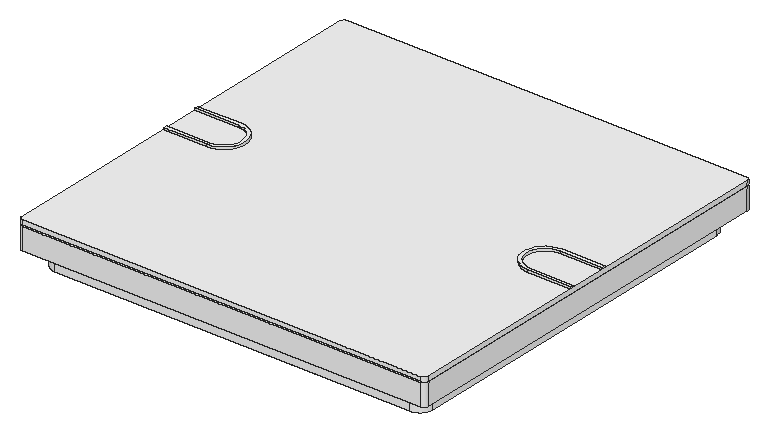
Revit family "Gira_5001003", category Electrical Fixtures, host Face, Revit 2017
Family settings
  Host = Face
  Maintain Annotation Orientation = No
  Round Connector Dimension = Use Diameter
  Part Type = Normal
  Cut with Voids When Loaded = No
  Shared = No
  Room Calculation Point = No
Parameters (values of type "KNX PB sens.4 Komfort 1-g TS4 white")
  With room temperature controller = no
  With label area = no
  With display = no
  With anti-theft/dismantling protection = yes
  With IR sensor = no
  White = White
  URL = "https://www.gira.de/"
  Type Comments = ""
  Transparent = no
  Radio frequent bidirectional = no
  Number of buttons = 1
  Model = ""
  Manufacturer = "Gira"
  Keynote = ""
  HeinzeBIM = "https://www.heinze.de/bim/knx-pb-sens-4-komfort-1-g-ts4-white/c639142d951a84f3599d7fd122a1e332b6d742c8"
  HAN = "5001003"
  GTIN = "4010337070870"
  Description = ""
  Default Elevation = 1219.2 mm
  Cost = 0
  Colour = "White"
  Bus connection included = yes
  BIMSITE_PRODUCT_ID = "c639142d951a84f3599d7fd122a1e332b6d742c8"
  BIM = "https://media.live.bim.site/t/eyJhbGciOiJIUzI1NiIsInR5cCI6IkpXVCJ9.eyJjdCI6MSwidGYiOiJwdWJsaWMvZ2lyYS8wOWY1ZGI1LzQwXzUwMDEwMCBUUzQgMWZhY2gucmZhIiwiY2lkIjoiZmVkOThlOWEtMWJkOC00YzY4LWE3M2ItNzRhOTRlMzE1ODIzIiwicmlkIjoiODkyZWU1OGY3YWZlZTc5YzJkOTI1ZjM5M2UxYmI2MGIiLCJwaWQiOiJjNjM5MTQyZDk1MWE4NGYzNTk5ZDdmZDEyMmExZTMzMmI2ZDc0MmM4Iiwic2lkIjoiNjM0NzAiLCJ1dCI6NSwibGMiOiJlbiIsImlhdCI6MTYwNzQzODE5NSwiaXNzIjoiaHR0cHM6Ly9hcGkubGl2ZS5iaW0uc2l0ZSIsInN1YiI6IjhkM2FhNWNiLWUwNjYtNDU5OC1iZTE2LTZlMTZlZTc0OTU2YSJ9.xBOqAqUy6N1BqY_thaSvRgDVl71C_GXshnbPygnTtJ8/40_500100 TS4 1fach.rfa"
  Assembly Code = ""
Reference planes
  plane 1 "Center (Front/Back)": y = 0
  plane 2: z = 0
  plane 3 "Center (Left/Right)": x = 0
Forms (mm)
  Extrusion 1, solid, material "White", detail levels fine
    sketch origin (0, 0, 0) x (1, 0, 0) y (0, 1, 0)
      loop
        line (25.45, 35.45) -> (-25.45, 35.45)
        arc (-25.45, 35.45) -> (-32.521, 32.521) -> (-35.45, 25.45) r 10
        line (-35.45, 25.45) -> (-35.45, -25.45)
        arc (-35.45, -25.45) -> (-32.521, -32.521) -> (-25.45, -35.45) r 10
        line (-25.45, -35.45) -> (25.45, -35.45)
        arc (25.45, -35.45) -> (32.521, -32.521) -> (35.45, -25.45) r 10
        line (35.45, -25.45) -> (35.45, 25.45)
        arc (35.45, 25.45) -> (32.521, 32.521) -> (25.45, 35.45) r 10
      loop
        arc (-31.325, 28.496) -> (-31.325, 25.668) -> (-28.496, 25.668) r 2
        line (-28.496, 25.668) -> (-25.668, 28.496)
        arc (-25.668, 28.496) -> (-25.668, 31.325) -> (-28.496, 31.325) r 2
        line (-28.496, 31.325) -> (-31.325, 28.496)
      loop
        arc (-28.496, -31.325) -> (-25.668, -31.325) -> (-25.668, -28.496) r 2
        line (-25.668, -28.496) -> (-28.496, -25.668)
        arc (-28.496, -25.668) -> (-31.325, -25.668) -> (-31.325, -28.496) r 2
        line (-31.325, -28.496) -> (-28.496, -31.325)
      loop
        line (31.325, 28.496) -> (28.496, 31.325)
        arc (28.496, 31.325) -> (25.668, 31.325) -> (25.668, 28.496) r 2
        line (25.668, 28.496) -> (28.496, 25.668)
        arc (28.496, 25.668) -> (31.325, 25.668) -> (31.325, 28.496) r 2
      loop
        line (28.496, -31.325) -> (31.325, -28.496)
        arc (31.325, -28.496) -> (31.325, -25.668) -> (28.496, -25.668) r 2
        line (28.496, -25.668) -> (25.668, -28.496)
        arc (25.668, -28.496) -> (25.668, -31.325) -> (28.496, -31.325) r 2
      loop
        line (-13.39, 22.831) -> (-22.831, 13.39) -> (-22.831, -13.39) -> (-13.39, -22.831) -> (13.39, -22.831) -> (22.831, -13.39) -> (22.831, 13.39) -> (13.39, 22.831) -> (-13.39, 22.831)
      loop
        arc (-1.681, 31.793) -> (-6.669, 29.581) -> (-1.417, 28.102) r 2.9
        arc (-1.417, 28.102) -> (2.178, 28.079) -> (5.741, 27.6) r 28.291
        arc (5.741, 27.6) -> (7.553, 29.282) -> (6.077, 31.265) r 1.851
        arc (6.077, 31.265) -> (2.215, 31.784) -> (-1.681, 31.793) r 29.64
      loop
        arc (1.681, -31.793) -> (6.669, -29.581) -> (1.417, -28.102) r 2.9
        arc (1.417, -28.102) -> (-2.178, -28.079) -> (-5.741, -27.6) r 28.291
        arc (-5.741, -27.6) -> (-7.553, -29.282) -> (-6.077, -31.265) r 1.851
        arc (-6.077, -31.265) -> (-2.215, -31.784) -> (1.681, -31.793) r 29.64
      loop
        arc (-31.793, -1.681) -> (-29.581, -6.669) -> (-28.102, -1.417) r 2.9
        arc (-28.102, -1.417) -> (-28.079, 2.178) -> (-27.6, 5.741) r 28.291
        arc (-27.6, 5.741) -> (-29.282, 7.553) -> (-31.265, 6.077) r 1.851
        arc (-31.265, 6.077) -> (-31.784, 2.215) -> (-31.793, -1.681) r 29.64
      loop
        arc (31.793, 1.681) -> (29.581, 6.669) -> (28.102, 1.417) r 2.9
        arc (28.102, 1.417) -> (28.079, -2.178) -> (27.6, -5.741) r 28.291
        arc (27.6, -5.741) -> (29.282, -7.553) -> (31.265, -6.077) r 1.851
        arc (31.265, -6.077) -> (31.784, -2.215) -> (31.793, 1.681) r 29.64
    from 0 to -1
  Extrusion 2, solid, material "White", detail levels medium+fine
    sketch origin (0, 0, 0) x (1, 0, 0) y (0, 1, 0)
      loop
        line (-22.831, 13.39) -> (-22.831, -13.39) -> (-13.39, -22.831) -> (13.39, -22.831) -> (22.831, -13.39) -> (22.831, 13.39) -> (13.39, 22.831) -> (-13.39, 22.831) -> (-22.831, 13.39)
    from 0 to -15.5
  Extrusion 3, solid, material "White", detail levels medium
    sketch origin (0, 0, 0) x (1, 0, 0) y (0, 1, 0)
      loop
        line (35.45, 35.45) -> (-35.45, 35.45) -> (-35.45, -35.45) -> (35.45, -35.45) -> (35.45, 35.45)
    from 0 to -1
  Extrusion 4, solid, material "White" <- "White", detail levels fine
    sketch origin (0, 0, 0) x (1, 0, 0) y (0, 1, 0)
      loop
        arc (-41.4, 44.4) -> (-43.521, 43.521) -> (-44.4, 41.4) r 3
        line (-44.4, 41.4) -> (-44.4, -41.4)
        arc (-44.4, -41.4) -> (-43.521, -43.521) -> (-41.4, -44.4) r 3
        line (-41.4, -44.4) -> (41.4, -44.4)
        arc (41.4, -44.4) -> (43.521, -43.521) -> (44.4, -41.4) r 3
        line (44.4, -41.4) -> (44.4, 41.4)
        arc (44.4, 41.4) -> (43.521, 43.521) -> (41.4, 44.4) r 3
        line (41.4, 44.4) -> (-41.4, 44.4)
      loop
        arc (-42.4, -41.4) -> (-42.107, -42.107) -> (-41.4, -42.4) r 1
        line (-41.4, -42.4) -> (41.4, -42.4)
        arc (41.4, -42.4) -> (42.107, -42.107) -> (42.4, -41.4) r 1
        line (42.4, -41.4) -> (42.4, 41.4)
        arc (42.4, 41.4) -> (42.107, 42.107) -> (41.4, 42.4) r 1
        line (41.4, 42.4) -> (-41.4, 42.4)
        arc (-41.4, 42.4) -> (-42.107, 42.107) -> (-42.4, 41.4) r 1
        line (-42.4, 41.4) -> (-42.4, -41.4)
    from 0 to 4
  Extrusion 5, solid, material "White" <- "White", detail levels medium
    sketch origin (0, 0, 0) x (1, 0, 0) y (0, 1, 0)
      loop
        line (-44.4, 44.4) -> (-44.4, -44.4) -> (44.4, -44.4) -> (44.4, 44.4) -> (-44.4, 44.4)
    from 0 to 4
  Extrusion 6, solid, material "White" <- "White", detail levels fine
    sketch origin (0, 0, 0) x (1, 0, 0) y (0, 1, 0)
      loop
        line (-46.5, -47.5) -> (46.5, -47.5)
        arc (46.5, -47.5) -> (47.207, -47.207) -> (47.5, -46.5) r 1
        line (47.5, -46.5) -> (47.5, 46.5)
        arc (47.5, 46.5) -> (47.207, 47.207) -> (46.5, 47.5) r 1
        line (46.5, 47.5) -> (-46.5, 47.5)
        arc (-46.5, 47.5) -> (-47.207, 47.207) -> (-47.5, 46.5) r 1
        line (-47.5, 46.5) -> (-47.5, -46.5)
        arc (-47.5, -46.5) -> (-47.207, -47.207) -> (-46.5, -47.5) r 1
    from 4 to 9
  Extrusion 7, solid, material "White" <- "White", detail levels medium
    sketch origin (0, 0, 0) x (1, 0, 0) y (0, 1, 0)
      loop
        line (-47.5, -47.5) -> (47.5, -47.5) -> (47.5, 47.5) -> (-47.5, 47.5) -> (-47.5, -47.5)
    from 4 to 10.7
  Extrusion 8, solid, material "White" <- "White", detail levels fine
    sketch origin (0, 0, 0) x (1, 0, 0) y (0, 1, 0)
      loop
        line (-46.5, -47.5) -> (46.5, -47.5)
        arc (46.5, -47.5) -> (47.207, -47.207) -> (47.5, -46.5) r 1
        line (47.5, -46.5) -> (47.5, 46.5)
        arc (47.5, 46.5) -> (47.207, 47.207) -> (46.5, 47.5) r 1
        line (46.5, 47.5) -> (-46.5, 47.5)
        arc (-46.5, 47.5) -> (-47.207, 47.207) -> (-47.5, 46.5) r 1
        line (-47.5, 46.5) -> (-47.5, -46.5)
        arc (-47.5, -46.5) -> (-47.207, -47.207) -> (-46.5, -47.5) r 1
    from 9.3 to 10.3
  Extrusion 9, solid, material "White" <- "White", detail levels fine
    sketch origin (0, 0, 0) x (1, 0, 0) y (0, 1, 0)
      loop
        line (-37.5, 5) -> (-47.5, 5) -> (-47.5, 4.2) -> (-37.5, 4.2)
        arc (-37.5, 4.2) -> (-33.3, 0) -> (-37.5, -4.2) r 4.2
        line (-37.5, -4.2) -> (-47.5, -4.2) -> (-47.5, -5) -> (-37.5, -5)
        arc (-37.5, -5) -> (-32.5, 0) -> (-37.5, 5) r 5
      loop
        arc (37.5, 5) -> (32.5, 0) -> (37.5, -5) r 5
        line (37.5, -5) -> (47.5, -5) -> (47.5, -4.2) -> (37.5, -4.2)
        arc (37.5, -4.2) -> (33.3, 0) -> (37.5, 4.2) r 4.2
        line (37.5, 4.2) -> (47.5, 4.2) -> (47.5, 5) -> (37.5, 5)
    from 9.5 to 10.7
  Extrusion 10, solid, material "White" <- "White", detail levels coarse
    sketch origin (0, 0, 0) x (1, 0, 0) y (0, 1, 0)
      loop
        line (-47.5, -47.5) -> (47.5, -47.5) -> (47.5, 47.5) -> (-47.5, 47.5) -> (-47.5, -47.5)
    from -15.4 to 10.7
Lines and regions (mm)
  reference lines
    curve 1: line (0, 47.5, 0) -> (0, -47.5, 0)
    curve 2: line (-47.5, 0, 0) -> (47.5, 0, 0)
Dimensions and locks
  aligned and locked: plane 2 to host face
  aligned and locked: level to host face
Connectors
  electrical at (0, 0, -15.5)
    settings: on Extrusion 2, index 1, voltage 220 V, apparent load 0 VA, apparent load phase1 0 VA, apparent load phase2 0 VA, apparent load phase3 0 VA, power factor 1, load classification "Other", number of poles 1, system type 31, power factor state 1, is connector primary yes, connector utility no, sub classification motor no, connector description ""
